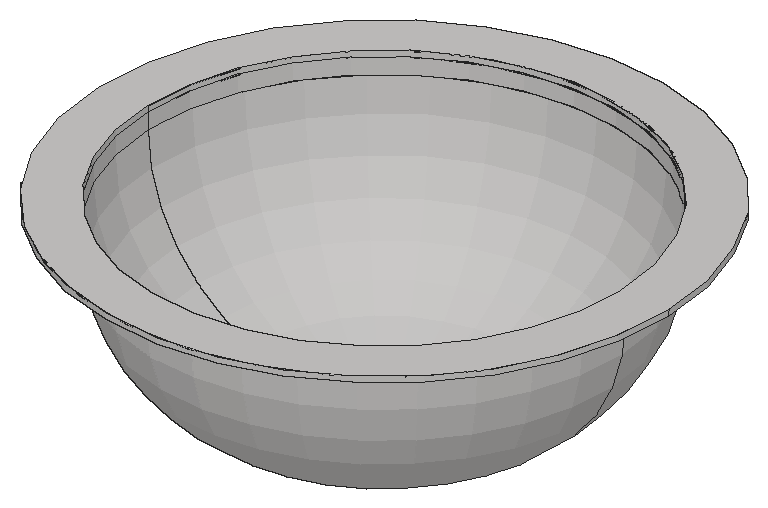
Revit family "QF_Vollrath_201250", category Specialty Equipment, Revit 2016
Family settings
  Part Type = Normal
  Round Connector Dimension = Use Diameter
  OmniClass Number = 23.40.40.14.31
  OmniClass Title = Cleaning and Disposal Equipment
  Work Plane-Based = Yes
  Always vertical = Yes
  Cut with Voids When Loaded = No
  Shared = No
  Room Calculation Point = No
Parameters
  Width = 1' - 0 15/16"
  Weight in Pounds = 2
  Watermarked By = "http://revitwatermark.com"
  URL Cutsheet = ""
  Status [instance] = ""
  Specification by User [instance] = ""
  Specification by Manufacturer [instance] = ""
  Sink Width = 0' - 7 3/4"
  Sink Depth = 0' - 6 1/2"
  Sink Basin Depth = 0' - 4 1/2"
  Serial Number [instance] = ""
  Seismic Rating [instance] = ""
  SMACNA No [instance] = ""
  Revision Code [instance] = ""
  NAFEM Spec ID Number [instance] = ""
  Model = "201250"
  Masterspec [instance] = ""
  Manufacturer = "Vollrath"
  Item Number [instance] = "-"
  Installed By [instance] = ""
  Indirect Waste Size = 2"
  Indirect Waste Flow [instance] = 0.00 GPM
  Indirect Waste Connection Type [instance] = ""
  Indirect Waste Connection Height [instance] = 0' - 0"
  Furnished By [instance] = ""
  Foodservice Equipment Identifier [instance] = yes
  Description = "Round Sink"  # constant formula
  Depth = 0' - 10 3/4"
  Default Elevation = 4' - 0"
  CSI MasterFormat = ""
  Assembly Code = ""
Reference planes (in)
  plane 1 "BACK": y = 0
  plane 2 "BOTTOM": z = 0
  plane 3 "LEFT": x = 0
  plane 4 "RIGHT": x = 12.9375
  plane 5 "FRONT": y = -12.9375
  plane 6 "c1": x = 6.46875
  plane 7 "CENTER 1": y = -6.46875
  plane 8 "Sink Bottom": z = -4.5
Forms (in)
  Extrusion 1, solid, material "QF_Finishes_Stainless Steel"
    sketch origin (0, 0, 0) x (1, 0, 0) y (0, 1, 0)
      loop
        circle (6.46875, -6.46875) r 6.46875
      loop
        circle (6.46875, -6.46875) r 5.375
    from 0 to 0.125
  Sweep 2, solid, material "QF_Finishes_Stainless Steel"
    path in 3D
      loop
        arc (1.09375, -6.46875, 0.125) -> (6.46875, -11.84375, 0.125) -> (11.84375, -6.46875, 0.125) r 5.375
        arc (11.84375, -6.46875, 0.125) -> (6.46875, -1.09375, 0.125) -> (1.09375, -6.46875, 0.125) r 5.375
    profile origin (6.46875, -1.09375, 0.125) x (0, -1, 0) y (0, 0, 1)
      loop
        line (-0.125, -0.125) -> (-0.125, -0.5)
        arc (-0.125, -0.5) -> (1.04657, -3.32843) -> (3.875, -4.5) r 4
        line (3.875, -4.5) -> (4, -4.5) -> (4, -4.375) -> (3.875, -4.375)
        arc (3.875, -4.375) -> (1.13496, -3.24004) -> (0, -0.5) r 3.875
        line (0, -0.5) -> (0, -0.125) -> (-0.125, -0.125)
Lines and regions (in)
  sketch lines
    curve 1: arc (11.84375, -6.46875, 0.125) -> (6.46875, -1.09375, 0.125) -> (1.09375, -6.46875, 0.125) r 5.375
    curve 2: arc (1.09375, -6.46875, 0.125) -> (6.46875, -11.84375, 0.125) -> (11.84375, -6.46875, 0.125) r 5.375
  symbolic lines
    curve 3: circle (6.46875, -6.46875, 0) r 5.375 normal (0, 0, 1)
    curve 4: circle (6.46875, -6.46875, 0) r 6.46875 normal (0, 0, 1)
  symbolic lines, style "QF_Surface Details"
    curve 5: circle (6.46875, -6.46875, 0) r 1 normal (0, 0, 1)
Dimensions and locks (in)
  "Sink Basin Depth": level to plane 8 "Sink Bottom"
  aligned and locked: level to plane 2 "BOTTOM"
Automatic sketch dimensions
  Extrusion 1 sketch curve to Extrusion 1 sketch curve = 0' - 0"  (x2)
  Extrusion 1 sketch curve to plane 6 "c1" = 0' - 0"
  Extrusion 1 sketch curve to plane 7 "CENTER 1" = 0' - 0"
  Sweep 2 sketch curve to profile plane = 0' - 0"
  Sweep 2 sketch curve to profile plane = 0' - 3 7/8"
  Sweep 2 sketch curve to profile plane = 0' - 0 1/2"
  Sweep 2 sketch curve to profile plane = 0' - 0 1/8"
  Sweep 2 sketch curve to Sweep 2 sketch curve = 0' - 0 1/8"  (x2)
  Sweep 2 sketch curve to Sweep 2 sketch curve = 0' - 0"  (x2)
  curve 3 to curve 4 = 0' - 0"  (x2)
  curve 3 to curve 5 = 0' - 0"  (x2)
  curve 4 to curve 5 = 0' - 0"  (x2)
  curve 4 to plane 6 "c1" = 0' - 0"
  curve 4 to plane 7 "CENTER 1" = 0' - 0"
  radius of Extrusion 1 sketch curve = 0' - 6 15/32"
  radius of Extrusion 1 sketch curve = 0' - 5 3/8"
  radius of curve 3 = 0' - 5 3/8"
  radius of curve 4 = 0' - 6 15/32"
  radius of curve 5 = 0' - 1"
Connectors (in)
  piping at (6.46875, -6.46875, -4.375), diameter 2, driven by "Indirect Waste Flow"
    settings: on Sweep 2, index 1, connector inside diameter 2", connector length 0' - 0", flow factor 0, pipe flow 0.00 GPM, pressure drop 0.00 psi, fitting loss kfactor 0, connector angle 0.00°, fixture units 0, engagement length 0' - 0", angle of deflection 0.00°, flow configuration 1, flow direction 2, fitting loss method 0, system type 16, joint type 0, gender type 0, connector reference index -1, connector utility 0, adjustable connector no, is connector primary yes, connector description "IW"
